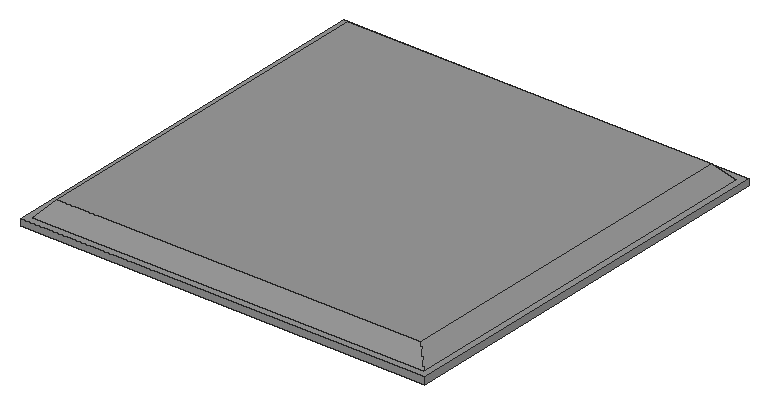
Revit family "BLT1_63_UN_Inlay LED_ETK", category Lighting Fixtures, Revit 2017
Family settings
  Round Connector Dimension = Use Diameter
  Part Type = Normal
  OmniClass Number = 23.80.70.11.14.11
  OmniClass Title = Downlights
  Work Plane-Based = No
  Always vertical = Yes
  Cut with Voids When Loaded = No
  Light Source = No
  Shared = No
  Room Calculation Point = Yes
Parameters (values of type "BLT.1103.10 - 28W / 3700lm / Adjustable K")
  Wattage Comments = "28W"
  Voltage = 230 V
  URL = "https://www.etk.nl/media/wysiwyg/files/BLT.1.pdf"
  Symbol_Emergency Lighting [instance] = no
  Switch Code [instance] = ""
  Model = "BLT.1"
  Manufacturer = "ETK licht B.V."
  Luminaire_Body_Material = PPS Plastic
  Luminaire Code [instance] = ""
  Light Source = BLT.1 - Lightsource : BLT.1103.10 - 28W / 3700lm / Adjustable K
  Lamp = "LED"
  IfcExportType = "USERDEFINED"
  IfcExportAs = "IfcLightFixtureType"
  Description = "Recessed/inlay LED"
  Copyright © IVLighting = "www.ivlighting.nl"
  Bundle = "120°"
  Assembly Code = "63.0"
  Apparent Load = 28 VA
Types (7, lengths in mm): name | Light Source
  (no name) | BLT.1 - Lightsource : BLT.1103.10 - 28W / 3700lm / Adjustable K
  BLT.1100.10 - 28W / 3500lm / Adjustable K | BLT.1 - Lightsource : BLT.1100.10 - 28W / 3500lm / Adjustable K
  BLT.1100.10 - 28W / 3560lm / Adjustable K | BLT.1 - Lightsource : BLT.1100.10 - 28W / 3560lm / Adjustable K
  BLT.1100.10 - 28W / 3700lm / Adjustable K | BLT.1 - Lightsource : BLT.1100.10 - 28W / 3700lm / Adjustable K
  BLT.1103.10 - 28W / 3500lm / Adjustable K | BLT.1 - Lightsource : BLT.1103.10 - 28W / 3500lm / Adjustable K
  BLT.1103.10 - 28W / 3560lm / Adjustable K | BLT.1 - Lightsource : BLT.1103.10 - 28W / 3560lm / Adjustable K
  BLT.1103.10 - 28W / 3700lm / Adjustable K | BLT.1 - Lightsource : BLT.1103.10 - 28W / 3700lm / Adjustable K
Reference planes
  plane 1 "Center (Front/Back)": y = 0
  plane 2: z = 0
  plane 3 "Center (Left/Right)": x = 0
  plane 4: y = 297.5
  plane 5: x = 297.5
  plane 6: y = -297.5
  plane 7: x = -297.5
  plane 8: z = 32
Forms (mm)
  Revolve 1, solid, material "PPS Plastic", not visible
    sketch origin (0, 0, 0) x (1, 0, 0) y (0, 0, 1)
      loop
        line (-108.916, 0) -> (-108.916, -4.099)
        arc (-108.916, -4.099) -> (-108.406, -4.931) -> (-107.486, -5.258) r 1.461
        line (-107.486, -5.258) -> (-97.804, -5.258) -> (-97.804, 0) -> (-108.916, 0)
      axis (0, 0) -> (0, -5.258)
    angle from 0 to 360
  Revolve 2, solid, material "PPS Plastic" <- "Luminaire_Body_Material", not visible
    sketch origin (0, 0, 0) x (1, 0, 0) y (0, 0, 1)
      loop
        line (-98.741, 0) -> (-97.8, 0) -> (-97.8, 10.593) -> (-90.959, 10.593) -> (-90.959, 14.711) -> (-83.412, 14.711) -> (-83.412, 30.415)
        arc (-83.412, 30.415) -> (-77.825, 42.741) -> (-69.855, 53.677) r 66.418
        line (-69.855, 53.677) -> (-69.855, 60.129) -> (-63.553, 60.129) -> (0, 60.129) -> (0, 61.129) -> (-63.553, 61.129) -> (-69.836, 61.129)
        arc (-69.836, 61.129) -> (-70.557, 60.83) -> (-70.855, 60.109) r 1.02
        line (-70.855, 60.109) -> (-70.855, 54.484)
        arc (-70.855, 54.484) -> (-70.927, 54.088) -> (-71.134, 53.743) r 1.124
        arc (-71.134, 53.743) -> (-77.774, 44.767) -> (-82.842, 34.818) r 67.418
        arc (-82.842, 34.818) -> (-84.016, 30.901) -> (-84.412, 26.83) r 21.103
        line (-84.412, 26.83) -> (-84.412, 16.663)
        arc (-84.412, 16.663) -> (-84.691, 15.989) -> (-85.364, 15.711) r 0.952
        line (-85.364, 15.711) -> (-91.959, 15.711) -> (-91.959, 12.616)
        arc (-91.959, 12.616) -> (-92.258, 11.893) -> (-92.981, 11.593) r 1.022
        line (-92.981, 11.593) -> (-97.697, 11.593)
        arc (-97.697, 11.593) -> (-98.435, 11.287) -> (-98.741, 10.549) r 1.045
        line (-98.741, 10.549) -> (-98.741, 0)
      axis (0, 61.129) -> (0, 0)
    angle from 0 to 360
  Revolve 3, solid, material "PPS Plastic" <- "Luminaire_Body_Material", not visible
    sketch origin (0, 0, 0) x (1, 0, 0) y (0, 0, 1)
      loop
        arc (-36.339, 86.471) -> (-49.965, 76.024) -> (-61.793, 63.579) r 109.701
        arc (-61.793, 63.579) -> (-62.487, 62.326) -> (-62.707, 60.91) r 4.094
        line (-62.707, 60.91) -> (0, 60.91) -> (0, 86.471) -> (-36.339, 86.471)
      axis (0, 86.471) -> (0, 60.91)
    angle from 0 to 360
  Extrusion 4, solid, material "PPS Plastic" <- "Luminaire_Body_Material", not visible
    sketch origin (0, 0, 0) x (1, 0, 0) y (0, 1, 0)
      loop
        circle (0, 0) r 45
    from 86.471 to 87.3
  Extrusion 5, solid, material "UHMW, Black", not visible
    sketch origin (0, 0, 195.137) x (-1, 0, 0) y (0, -1, 0)
      loop
        line (-0.938, -10.632) -> (-0.938, -44.99)
        arc (-0.938, -44.99) -> (0, -45) -> (0.938, -44.99) r 45
        line (0.938, -44.99) -> (0.938, -10.681)
        arc (0.938, -10.681) -> (0, -10.671) -> (-0.938, -10.632) r 29.304
    from -107.837 to -82.548
  Extrusion 6, solid, material "UHMW, Black", not visible
    sketch origin (0, 0, 195.137) x (-0.978148, -0.207912, 0) y (0.207912, -0.978148, 0)
      loop
        line (-0.938, -10.632) -> (-0.938, -44.99)
        arc (-0.938, -44.99) -> (0, -45) -> (0.938, -44.99) r 45
        line (0.938, -44.99) -> (0.938, -10.681)
        arc (0.938, -10.681) -> (0, -10.671) -> (-0.938, -10.632) r 29.304
    from -107.837 to -82.548
  Extrusion 7, solid, material "UHMW, Black", not visible
    sketch origin (0, 0, 195.137) x (-0.978148, 0.207912, 0) y (-0.207912, -0.978148, 0)
      loop
        line (-0.938, -10.632) -> (-0.938, -44.99)
        arc (-0.938, -44.99) -> (0, -45) -> (0.938, -44.99) r 45
        line (0.938, -44.99) -> (0.938, -10.681)
        arc (0.938, -10.681) -> (0, -10.671) -> (-0.938, -10.632) r 29.304
    from -107.837 to -82.548
  Extrusion 8, solid, material "UHMW, Black", not visible
    sketch origin (0, 0, 195.137) x (-0.913545, 0.406737, 0) y (-0.406737, -0.913545, 0)
      loop
        line (-0.938, -10.632) -> (-0.938, -44.99)
        arc (-0.938, -44.99) -> (0, -45) -> (0.938, -44.99) r 45
        line (0.938, -44.99) -> (0.938, -10.681)
        arc (0.938, -10.681) -> (0, -10.671) -> (-0.938, -10.632) r 29.304
    from -107.837 to -82.548
  Extrusion 9, solid, material "UHMW, Black", not visible
    sketch origin (0, 0, 195.137) x (-0.809017, 0.587785, 0) y (-0.587785, -0.809017, 0)
      loop
        line (-0.938, -10.632) -> (-0.938, -44.99)
        arc (-0.938, -44.99) -> (0, -45) -> (0.938, -44.99) r 45
        line (0.938, -44.99) -> (0.938, -10.681)
        arc (0.938, -10.681) -> (0, -10.671) -> (-0.938, -10.632) r 29.304
    from -107.837 to -82.548
  Extrusion 10, solid, material "UHMW, Black", not visible
    sketch origin (0, 0, 195.137) x (-0.669131, 0.743145, 0) y (-0.743145, -0.669131, 0)
      loop
        line (-0.938, -10.632) -> (-0.938, -44.99)
        arc (-0.938, -44.99) -> (0, -45) -> (0.938, -44.99) r 45
        line (0.938, -44.99) -> (0.938, -10.681)
        arc (0.938, -10.681) -> (0, -10.671) -> (-0.938, -10.632) r 29.304
    from -107.837 to -82.548
  Extrusion 11, solid, material "UHMW, Black", not visible
    sketch origin (0, 0, 195.137) x (-0.5, 0.866025, 0) y (-0.866025, -0.5, 0)
      loop
        line (-0.938, -10.632) -> (-0.938, -44.99)
        arc (-0.938, -44.99) -> (0, -45) -> (0.938, -44.99) r 45
        line (0.938, -44.99) -> (0.938, -10.681)
        arc (0.938, -10.681) -> (0, -10.671) -> (-0.938, -10.632) r 29.304
    from -107.837 to -82.548
  Extrusion 12, solid, material "UHMW, Black", not visible
    sketch origin (0, 0, 195.137) x (-0.309017, 0.951057, 0) y (-0.951057, -0.309017, 0)
      loop
        line (-0.938, -10.632) -> (-0.938, -44.99)
        arc (-0.938, -44.99) -> (0, -45) -> (0.938, -44.99) r 45
        line (0.938, -44.99) -> (0.938, -10.681)
        arc (0.938, -10.681) -> (0, -10.671) -> (-0.938, -10.632) r 29.304
    from -107.837 to -82.548
  Extrusion 13, solid, material "UHMW, Black", not visible
    sketch origin (0, 0, 195.137) x (-0.104528, 0.994522, 0) y (-0.994522, -0.104528, 0)
      loop
        line (-0.938, -10.632) -> (-0.938, -44.99)
        arc (-0.938, -44.99) -> (0, -45) -> (0.938, -44.99) r 45
        line (0.938, -44.99) -> (0.938, -10.681)
        arc (0.938, -10.681) -> (0, -10.671) -> (-0.938, -10.632) r 29.304
    from -107.837 to -82.548
  Extrusion 14, solid, material "UHMW, Black", not visible
    sketch origin (0, 0, 195.137) x (0.104528, 0.994522, 0) y (-0.994522, 0.104528, 0)
      loop
        line (-0.938, -10.632) -> (-0.938, -44.99)
        arc (-0.938, -44.99) -> (0, -45) -> (0.938, -44.99) r 45
        line (0.938, -44.99) -> (0.938, -10.681)
        arc (0.938, -10.681) -> (0, -10.671) -> (-0.938, -10.632) r 29.304
    from -107.837 to -82.548
  Extrusion 15, solid, material "UHMW, Black", not visible
    sketch origin (0, 0, 195.137) x (0.309017, 0.951057, 0) y (-0.951057, 0.309017, 0)
      loop
        line (-0.938, -10.632) -> (-0.938, -44.99)
        arc (-0.938, -44.99) -> (0, -45) -> (0.938, -44.99) r 45
        line (0.938, -44.99) -> (0.938, -10.681)
        arc (0.938, -10.681) -> (0, -10.671) -> (-0.938, -10.632) r 29.304
    from -107.837 to -82.548
  Extrusion 16, solid, material "UHMW, Black", not visible
    sketch origin (0, 0, 195.137) x (0.5, 0.866025, 0) y (-0.866025, 0.5, 0)
      loop
        line (-0.938, -10.632) -> (-0.938, -44.99)
        arc (-0.938, -44.99) -> (0, -45) -> (0.938, -44.99) r 45
        line (0.938, -44.99) -> (0.938, -10.681)
        arc (0.938, -10.681) -> (0, -10.671) -> (-0.938, -10.632) r 29.304
    from -107.837 to -82.548
  Extrusion 17, solid, material "UHMW, Black", not visible
    sketch origin (0, 0, 195.137) x (0.669131, 0.743145, 0) y (-0.743145, 0.669131, 0)
      loop
        line (-0.938, -10.632) -> (-0.938, -44.99)
        arc (-0.938, -44.99) -> (0, -45) -> (0.938, -44.99) r 45
        line (0.938, -44.99) -> (0.938, -10.681)
        arc (0.938, -10.681) -> (0, -10.671) -> (-0.938, -10.632) r 29.304
    from -107.837 to -82.548
  Extrusion 18, solid, material "UHMW, Black", not visible
    sketch origin (0, 0, 195.137) x (0.809017, 0.587785, 0) y (-0.587785, 0.809017, 0)
      loop
        line (-0.938, -10.632) -> (-0.938, -44.99)
        arc (-0.938, -44.99) -> (0, -45) -> (0.938, -44.99) r 45
        line (0.938, -44.99) -> (0.938, -10.681)
        arc (0.938, -10.681) -> (0, -10.671) -> (-0.938, -10.632) r 29.304
    from -107.837 to -82.548
  Extrusion 19, solid, material "UHMW, Black", not visible
    sketch origin (0, 0, 195.137) x (0.913545, 0.406737, 0) y (-0.406737, 0.913545, 0)
      loop
        line (-0.938, -10.632) -> (-0.938, -44.99)
        arc (-0.938, -44.99) -> (0, -45) -> (0.938, -44.99) r 45
        line (0.938, -44.99) -> (0.938, -10.681)
        arc (0.938, -10.681) -> (0, -10.671) -> (-0.938, -10.632) r 29.304
    from -107.837 to -82.548
  Extrusion 20, solid, material "UHMW, Black", not visible
    sketch origin (0, 0, 195.137) x (0.978148, 0.207912, 0) y (-0.207912, 0.978148, 0)
      loop
        line (-0.938, -10.632) -> (-0.938, -44.99)
        arc (-0.938, -44.99) -> (0, -45) -> (0.938, -44.99) r 45
        line (0.938, -44.99) -> (0.938, -10.681)
        arc (0.938, -10.681) -> (0, -10.671) -> (-0.938, -10.632) r 29.304
    from -107.837 to -82.548
  Extrusion 21, solid, material "UHMW, Black", not visible
    sketch origin (0, 0, 195.137) x (1, 0, 0) y (0, 1, 0)
      loop
        line (-0.938, -10.632) -> (-0.938, -44.99)
        arc (-0.938, -44.99) -> (0, -45) -> (0.938, -44.99) r 45
        line (0.938, -44.99) -> (0.938, -10.681)
        arc (0.938, -10.681) -> (0, -10.671) -> (-0.938, -10.632) r 29.304
    from -107.837 to -82.548
  Extrusion 22, solid, material "UHMW, Black", not visible
    sketch origin (0, 0, 195.137) x (0.978148, -0.207912, 0) y (0.207912, 0.978148, 0)
      loop
        line (-0.938, -10.632) -> (-0.938, -44.99)
        arc (-0.938, -44.99) -> (0, -45) -> (0.938, -44.99) r 45
        line (0.938, -44.99) -> (0.938, -10.681)
        arc (0.938, -10.681) -> (0, -10.671) -> (-0.938, -10.632) r 29.304
    from -107.837 to -82.548
  Extrusion 23, solid, material "UHMW, Black", not visible
    sketch origin (0, 0, 195.137) x (0.913545, -0.406737, 0) y (0.406737, 0.913545, 0)
      loop
        line (-0.938, -10.632) -> (-0.938, -44.99)
        arc (-0.938, -44.99) -> (0, -45) -> (0.938, -44.99) r 45
        line (0.938, -44.99) -> (0.938, -10.681)
        arc (0.938, -10.681) -> (0, -10.671) -> (-0.938, -10.632) r 29.304
    from -107.837 to -82.548
  Extrusion 24, solid, material "UHMW, Black", not visible
    sketch origin (0, 0, 195.137) x (0.809017, -0.587785, 0) y (0.587785, 0.809017, 0)
      loop
        line (-0.938, -10.632) -> (-0.938, -44.99)
        arc (-0.938, -44.99) -> (0, -45) -> (0.938, -44.99) r 45
        line (0.938, -44.99) -> (0.938, -10.681)
        arc (0.938, -10.681) -> (0, -10.671) -> (-0.938, -10.632) r 29.304
    from -107.837 to -82.548
  Extrusion 25, solid, material "UHMW, Black", not visible
    sketch origin (0, 0, 195.137) x (0.669131, -0.743145, 0) y (0.743145, 0.669131, 0)
      loop
        line (-0.938, -10.632) -> (-0.938, -44.99)
        arc (-0.938, -44.99) -> (0, -45) -> (0.938, -44.99) r 45
        line (0.938, -44.99) -> (0.938, -10.681)
        arc (0.938, -10.681) -> (0, -10.671) -> (-0.938, -10.632) r 29.304
    from -107.837 to -82.548
  Extrusion 26, solid, material "UHMW, Black", not visible
    sketch origin (0, 0, 195.137) x (0.5, -0.866025, 0) y (0.866025, 0.5, 0)
      loop
        line (-0.938, -10.632) -> (-0.938, -44.99)
        arc (-0.938, -44.99) -> (0, -45) -> (0.938, -44.99) r 45
        line (0.938, -44.99) -> (0.938, -10.681)
        arc (0.938, -10.681) -> (0, -10.671) -> (-0.938, -10.632) r 29.304
    from -107.837 to -82.548
  Extrusion 27, solid, material "UHMW, Black", not visible
    sketch origin (0, 0, 195.137) x (0.309017, -0.951057, 0) y (0.951057, 0.309017, 0)
      loop
        line (-0.938, -10.632) -> (-0.938, -44.99)
        arc (-0.938, -44.99) -> (0, -45) -> (0.938, -44.99) r 45
        line (0.938, -44.99) -> (0.938, -10.681)
        arc (0.938, -10.681) -> (0, -10.671) -> (-0.938, -10.632) r 29.304
    from -107.837 to -82.548
  Extrusion 28, solid, material "UHMW, Black", not visible
    sketch origin (0, 0, 195.137) x (0.104528, -0.994522, 0) y (0.994522, 0.104528, 0)
      loop
        line (-0.938, -10.632) -> (-0.938, -44.99)
        arc (-0.938, -44.99) -> (0, -45) -> (0.938, -44.99) r 45
        line (0.938, -44.99) -> (0.938, -10.681)
        arc (0.938, -10.681) -> (0, -10.671) -> (-0.938, -10.632) r 29.304
    from -107.837 to -82.548
  Extrusion 29, solid, material "UHMW, Black", not visible
    sketch origin (0, 0, 195.137) x (-0.104528, -0.994522, 0) y (0.994522, -0.104528, 0)
      loop
        line (-0.938, -10.632) -> (-0.938, -44.99)
        arc (-0.938, -44.99) -> (0, -45) -> (0.938, -44.99) r 45
        line (0.938, -44.99) -> (0.938, -10.681)
        arc (0.938, -10.681) -> (0, -10.671) -> (-0.938, -10.632) r 29.304
    from -107.837 to -82.548
  Extrusion 30, solid, material "UHMW, Black", not visible
    sketch origin (0, 0, 195.137) x (-0.309017, -0.951057, 0) y (0.951057, -0.309017, 0)
      loop
        line (-0.938, -10.632) -> (-0.938, -44.99)
        arc (-0.938, -44.99) -> (0, -45) -> (0.938, -44.99) r 45
        line (0.938, -44.99) -> (0.938, -10.681)
        arc (0.938, -10.681) -> (0, -10.671) -> (-0.938, -10.632) r 29.304
    from -107.837 to -82.548
  Extrusion 31, solid, material "UHMW, Black", not visible
    sketch origin (0, 0, 195.137) x (-0.5, -0.866025, 0) y (0.866025, -0.5, 0)
      loop
        line (-0.938, -10.632) -> (-0.938, -44.99)
        arc (-0.938, -44.99) -> (0, -45) -> (0.938, -44.99) r 45
        line (0.938, -44.99) -> (0.938, -10.681)
        arc (0.938, -10.681) -> (0, -10.671) -> (-0.938, -10.632) r 29.304
    from -107.837 to -82.548
  Extrusion 32, solid, material "UHMW, Black", not visible
    sketch origin (0, 0, 195.137) x (-0.669131, -0.743145, 0) y (0.743145, -0.669131, 0)
      loop
        line (-0.938, -10.632) -> (-0.938, -44.99)
        arc (-0.938, -44.99) -> (0, -45) -> (0.938, -44.99) r 45
        line (0.938, -44.99) -> (0.938, -10.681)
        arc (0.938, -10.681) -> (0, -10.671) -> (-0.938, -10.632) r 29.304
    from -107.837 to -82.548
  Extrusion 33, solid, material "UHMW, Black", not visible
    sketch origin (0, 0, 195.137) x (-0.809017, -0.587785, 0) y (0.587785, -0.809017, 0)
      loop
        line (-0.938, -10.632) -> (-0.938, -44.99)
        arc (-0.938, -44.99) -> (0, -45) -> (0.938, -44.99) r 45
        line (0.938, -44.99) -> (0.938, -10.681)
        arc (0.938, -10.681) -> (0, -10.671) -> (-0.938, -10.632) r 29.304
    from -107.837 to -82.548
  Extrusion 34, solid, material "UHMW, Black", not visible
    sketch origin (0, 0, 195.137) x (-0.913545, -0.406737, 0) y (0.406737, -0.913545, 0)
      loop
        line (-0.938, -10.632) -> (-0.938, -44.99)
        arc (-0.938, -44.99) -> (0, -45) -> (0.938, -44.99) r 45
        line (0.938, -44.99) -> (0.938, -10.681)
        arc (0.938, -10.681) -> (0, -10.671) -> (-0.938, -10.632) r 29.304
    from -107.837 to -82.548
  Extrusion 35, solid, material "PPS Plastic" <- "Luminaire_Body_Material", not visible
    sketch origin (0.938, 0, 0) x (1, 0, 0) y (0, 0, 1)
      loop
        line (-90.709, 14.711) -> (-89.709, 14.711) -> (-89.709, 47.263)
        arc (-89.709, 47.263) -> (-89.547, 48.318) -> (-89.074, 49.276) r 3.51
        line (-89.074, 49.276) -> (-63.792, 85.382)
        arc (-63.792, 85.382) -> (-62.879, 86.183) -> (-61.7, 86.471) r 2.554
        line (-61.7, 86.471) -> (-36.836, 86.471) -> (-36.836, 87.3) -> (-62.068, 87.3)
        arc (-62.068, 87.3) -> (-63.489, 86.952) -> (-64.589, 85.988) r 3.078
        line (-64.589, 85.988) -> (-90.082, 49.58)
        arc (-90.082, 49.58) -> (-90.549, 48.634) -> (-90.709, 47.591) r 3.468
        line (-90.709, 47.591) -> (-90.709, 14.711)
    from -18.722 to 17.678
  Extrusion 36, solid, material "PPS Plastic" <- "Luminaire_Body_Material", not visible
    sketch origin (-0.938, 0, 0) x (-1, 0, 0) y (0, 0, -1)
      loop
        line (-90.709, -14.711) -> (-90.709, -47.591)
        arc (-90.709, -47.591) -> (-90.549, -48.634) -> (-90.082, -49.58) r 3.468
        line (-90.082, -49.58) -> (-64.589, -85.988)
        arc (-64.589, -85.988) -> (-63.489, -86.952) -> (-62.068, -87.3) r 3.078
        line (-62.068, -87.3) -> (-36.836, -87.3) -> (-36.836, -86.471) -> (-61.7, -86.471)
        arc (-61.7, -86.471) -> (-62.879, -86.183) -> (-63.792, -85.382) r 2.554
        line (-63.792, -85.382) -> (-89.074, -49.276)
        arc (-89.074, -49.276) -> (-89.547, -48.318) -> (-89.709, -47.263) r 3.51
        line (-89.709, -47.263) -> (-89.709, -14.711) -> (-90.709, -14.711)
    from -18.722 to 17.678
  Revolve 37, solid, material "PPS Plastic", not visible
    sketch origin (0, 0, 0) x (1, 0, 0) y (0, 0, 1)
      loop
        arc (-61.908, 31.25) -> (-81.159, 16.629) -> (-98.212, -0.504) r 175.119
        line (-98.212, -0.504) -> (-98.212, -1.729)
        arc (-98.212, -1.729) -> (-81.093, 15.622) -> (-61.721, 30.415) r 174.319
        line (-61.721, 30.415) -> (0, 30.415) -> (0, 31.25) -> (-61.908, 31.25)
      axis (0, 31.25) -> (0, -1.729)
    angle from 0 to 360
  Revolve 38, solid, material "Glass, White, High Luminance", not visible
    sketch origin (0, 0, 0) x (1, 0, 0) y (0, 0, 1)
      loop
        line (-63.082, 29.507) -> (0, 29.507) -> (0, 30.415) -> (-61.721, 30.415)
        arc (-61.721, 30.415) -> (-62.416, 29.983) -> (-63.082, 29.507) r 12.642
      axis (0, 30.415) -> (0, 29.415)
    angle from 0 to 360
  Blend 39, solid, material "PPS Plastic" <- "Luminaire_Body_Material"
    base sketch origin (0, 0, 0) x (1, 0, 0) y (0, 1, 0)
      loop
        line (-287.5, 287.5) -> (-287.5, -287.5) -> (287.5, -287.5) -> (287.5, 287.5) -> (-287.5, 287.5)
    top sketch origin (0, 0, 0) x (1, 0, 0) y (0, 1, 0)
      loop
        line (267.5, -267.5) -> (267.5, 267.5) -> (-267.5, 267.5) -> (-267.5, -267.5) -> (267.5, -267.5)
    from 10 to 32
  Extrusion 40, solid, material "PPS Plastic" <- "Luminaire_Body_Material"
    sketch origin (0, 0, 0) x (1, 0, 0) y (0, 1, 0)
      loop
        line (-297.5, 297.5) -> (-297.5, -297.5) -> (297.5, -297.5) -> (297.5, 297.5) -> (-297.5, 297.5)
      loop
        line (-287.5, 287.5) -> (-287.5, -287.5) -> (287.5, -287.5) -> (287.5, 287.5) -> (-287.5, 287.5)
    from 0 to 10
  Extrusion 41, solid, material "Glass, White, High Luminance"
    sketch origin (0, 0, 0) x (1, 0, 0) y (0, 1, 0)
      loop
        line (-287.5, 287.5) -> (-287.5, -287.5) -> (287.5, -287.5) -> (287.5, 287.5) -> (-287.5, 287.5)
    from 0 to 6.319
Dimensions and locks
  plane 8 to level = 32 mm  (x2)
  aligned and locked: level to plane 2
  aligned and locked: plane 7 to Extrusion 40
  aligned and locked: plane 4 to Extrusion 40
  aligned and locked: plane 5 to Extrusion 40
  aligned and locked: plane 6 to Extrusion 40
  aligned and locked: plane 8 to Blend 39
Nested families
  nested 1: "BLT.1 Light_Symbol_IVL" at (0, 0, 0), type "BLT.1 Light_Symbol_IVL"
  nested 2: "BLT.1 - Lightsource" at (0, 0, 0), type <- "Light Source", type "BLT.1103.10 - 28W / 3700lm / Adjustable K"
Connectors
  electrical at (0, 0, 32), driven by "Apparent Load", driven by "Voltage"
    settings: on Blend 39, index 1, voltage 230 V, apparent load 0 VA, apparent load phase1 28 VA, apparent load phase2 0 VA, apparent load phase3 0 VA, power factor 1, load classification "Lighting", number of poles 1, system type 31, power factor state 1, is connector primary yes, connector utility no, sub classification motor no, connector description ""
Definition of nested family "BLT.1 Light_Symbol_IVL"
  Parameters (values of type "BLT.1 Light_Symbol_IVL")
    Symbol_Emergency Lighting = no
  Reference planes
    plane 1: y = 0
    plane 2: x = 0
  Lines and regions (mm)
    Filled region 1, type "Filled region 1", visible <- "Symbol_Emergency Lighting"
      outline origin (-2.975, 2.975, 0) x (1, 0, 0) y (0, 1, 0)
        loop
          line (0, 0) -> (0, -5.95) -> (2.975, -2.975) -> (0, 0)
    Filled region 2, type "Filled region 1", visible <- "Symbol_Emergency Lighting"
      outline origin (2.975, 2.975, 0) x (0, 1, 0) y (-1, 0, 0)
        loop
          line (0, 0) -> (-2.975, 2.975) -> (-5.95, 0) -> (0, 0)
    detail lines
      curve 1: line (-2.975, 2.975, 0) -> (2.975, 2.975, 0)
      curve 2: line (-2.975, -2.975, 0) -> (-2.975, 2.975, 0)
      curve 3: line (2.975, -2.975, 0) -> (-2.975, -2.975, 0)
      curve 4: line (2.975, 2.975, 0) -> (2.975, -2.975, 0)
Definition of nested family "BLT.1 - Lightsource"
  Parameters (values of type "BLT.1103.10 - 28W / 3500lm / Adjustable K")
    Wattage Comments = "28W"
    Wattage = 20.1963 W
    built-in parameter 1150110 = 1 (stored number, unit not read)
    URL = "https://www.etk.nl/?___store=en&___from_store=nl"
    built-in parameter 1114217 = 1 (stored number, unit not read)
    Tilt Angle = 90.00°
    built-in parameter 1150109 = 1 (stored number, unit not read)
    built-in parameter 1150134 = (empty or 0)
    built-in parameter 1150113 = 1 (stored number, unit not read)
    Photometric Web File = "BLT.1103.10.ies"
    Model = "BLT.1"
    Manufacturer = "ETK B.V."
    built-in parameter 1150105 = 730.1 (stored number, unit not read)
    Lumens = 3000 lm
    built-in parameter 1150115 = 1 (stored number, unit not read)
    built-in parameter 1150137 = (empty or 0)
    built-in parameter 1150139 = (empty or 0)
    built-in parameter 1150112 = 1 (stored number, unit not read)
    built-in parameter 1150114 = 1 (stored number, unit not read)
    Lamp = "LED"
    built-in parameter 1150132 = 2
    built-in parameter 1150102 = (empty or 0)
    built-in parameter 1150107 = 3000 (stored number, unit not read)
    built-in parameter 1150138 = (empty or 0)
    built-in parameter 1150106 = 7.301 (stored number, unit not read)
    built-in parameter 1150104 = 13.8 (stored number, unit not read)
    Dimming Lamp Color Temperature Shift = (empty or 0)
    Description = "Light sources"
    Copyright © IVLighting = "www.ivlighting.nl"
    Color Filter = 16777215
    Bundle = "120°"
    built-in parameter 1114218 = 1 (stored number, unit not read)
    built-in parameter 1150133 = 10 (stored number, unit not read)
    Assembly Code = "63.0"
    Apparent Load = 28 VA
  Types (6, lengths in mm): name | Wattage | Photometric Web File | built-in parameter 1150105 | Lumens | built-in parameter 1150106
    BLT.1100.10 - 28W / 3500lm / Adjustable K | 23.5624 W | "BLT.1100.10.ies" | 278.52 (stored number, unit not read) | 3500 lm | 2.7852 (stored number, unit not read)
    BLT.1100.10 - 28W / 3700lm / Adjustable K | 24.9088 W | "BLT.1100.10.ies" | 294.44 (stored number, unit not read) | 3700 lm | 2.9444 (stored number, unit not read)
    BLT.1100.10 - 28W / 3560lm / Adjustable K | 23.9663 W | "BLT.1100.10.ies" | 283.3 (stored number, unit not read) | 3560 lm | 2.833 (stored number, unit not read)
    BLT.1103.10 - 28W / 3500lm / Adjustable K | 20.1963 W | "BLT.1103.10.ies" | 730.1 (stored number, unit not read) | 3000 lm | 7.301 (stored number, unit not read)
    BLT.1103.10 - 28W / 3560lm / Adjustable K | 20.1963 W | "BLT.1103.10.ies" | 730.1 (stored number, unit not read) | 3000 lm | 7.301 (stored number, unit not read)
    BLT.1103.10 - 28W / 3700lm / Adjustable K | 20.1963 W | "BLT.1103.10.ies" | 730.1 (stored number, unit not read) | 3000 lm | 7.301 (stored number, unit not read)
  Reference planes
    plane 1 "Center (Front/Back)": y = 0
    plane 2: z = 0
    plane 3 "Center (Left/Right)": x = 0
  Dimensions and locks
    aligned and locked: level to plane 2
